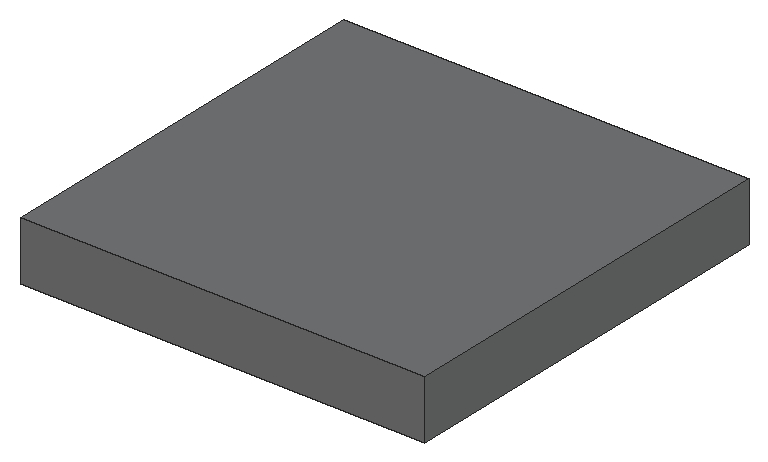
Revit family "Gira_536001", category Electrical Fixtures, host Face, Revit 2017
Family settings
  Host = Face
  Maintain Annotation Orientation = No
  Round Connector Dimension = Use Diameter
  Part Type = Normal
  Cut with Voids When Loaded = No
  Shared = No
  Room Calculation Point = No
Parameters (values of type "S3000 op.top System 55 cr.white")
  With LED indication = "No"
  URL = "http://katalog.gira.de/en/datenblatt.html?artikelnr=536001"
  Transparent = "No"
  Suitable for application with venetian shutter switch = "Yes"
  Suitable for application with switch = "No"
  Suitable for application with dimmer = "No"
  Number of actuation points = "2"
  Name = "S3000 op.top System 55 cr.white"
  Manufacturer URL = "https://www.gira.de/"
  Manufacturer = "Gira"
  Keynote = ""
  HeinzeBIM = "https://bimportal.heinze.de/bim/s3000-op-top-system-55-cr-white/a196317ab3a1a2162d76a91242dc0182bcdebf34"
  HAN = "536001"
  GTIN = "4010337027201"
  Description = "S3000 op.top Sys55 CW,System 3000 operating top unit,,cream white glossy,"
  Default Elevation = 1219.2 mm
  Data sheet (1) = "https://katalog.gira.de/en/download.html?artikelnr=536001"
  Category = "Intelligent control element"
  BIM (1) = "https://media.stage.bim.site/public/gira/36a6b08/Sys55_Abdeckung_Schalten und Tasten.rfa?public/gira/36a6b08/Sys55_Abdeckung_Schalten und Tasten.rfa"
  Available = "No"
  Application = "Control of electrical users"
  Anthrazit [instance] = Anthrazit
Reference planes
  plane 1 "Center (Front/Back)": y = 0
  plane 2: z = 0
  plane 3 "Center (Left/Right)": x = 0
Forms (mm)
  Extrusion 1, solid, material "Anthrazit" <- "Anthrazit", detail levels fine
    sketch origin (0, 0, 0) x (1, 0, 0) y (0, 1, 0)
      loop
        line (-27.5, 27.5) -> (-27.5, -27.5) -> (27.5, -27.5) -> (27.5, 27.5) -> (-27.5, 27.5)
    from 0 to 8
  Extrusion 2, void
    sketch origin (0, 0, 0) x (1, 0, 0) y (0, 1, 0)
      loop
        line (26, 26) -> (-26, 26) -> (-26, -26) -> (26, -26) -> (26, 26)
    from 0 to 6
  Extrusion 3, solid, material "Anthrazit" <- "Anthrazit", detail levels medium
    sketch origin (0, 0, 0) x (1, 0, 0) y (0, 1, 0)
      loop
        line (-27.5, 27.5) -> (-27.5, -27.5) -> (27.5, -27.5) -> (27.5, 27.5) -> (-27.5, 27.5)
    from 0 to 8
  Extrusion 4, solid, material "Anthrazit" <- "Anthrazit", detail levels medium
    sketch origin (0, 0, 0) x (1, 0, 0) y (0, 1, 0)
      loop
        line (11, -17.5) -> (11, 17.5) -> (-11, 17.5) -> (-11, -17.5) -> (11, -17.5)
    from -6 to 6
  Extrusion 5, solid, material "Anthrazit" <- "Anthrazit", detail levels fine
    sketch origin (0, 0, 0) x (1, 0, 0) y (0, 1, 0)
      loop
        line (11, 17.5) -> (-11, 17.5) -> (-11, 16.5) -> (11, 16.5) -> (11, 17.5)
      loop
        line (-11, -16.5) -> (-11, -17.5) -> (11, -17.5) -> (11, -16.5) -> (-11, -16.5)
    from -4 to 6
  Extrusion 6, solid, material "Anthrazit" <- "Anthrazit", detail levels fine
    sketch origin (0, 0, 0) x (1, 0, 0) y (0, 1, 0)
      loop
        arc (5, 9.347) -> (0, 10.6) -> (-5, 9.347) r 10.6
        line (-5, 9.347) -> (-5, -9.347)
        arc (-5, -9.347) -> (0, -10.6) -> (5, -9.347) r 10.6
        line (5, -9.347) -> (5, 9.347)
    from -6 to 6
  Extrusion 7, solid, material "Anthrazit" <- "Anthrazit", detail levels coarse
    sketch origin (0, 0, 0) x (1, 0, 0) y (0, 1, 0)
      loop
        line (-27.5, 27.5) -> (-27.5, -27.5) -> (27.5, -27.5) -> (27.5, 27.5) -> (-27.5, 27.5)
    from -6 to 8
Cuts and joins
  Extrusion 2 cuts Extrusion 1
Dimensions and locks
  aligned and locked: plane 2 to host face
  aligned and locked: level to host face
